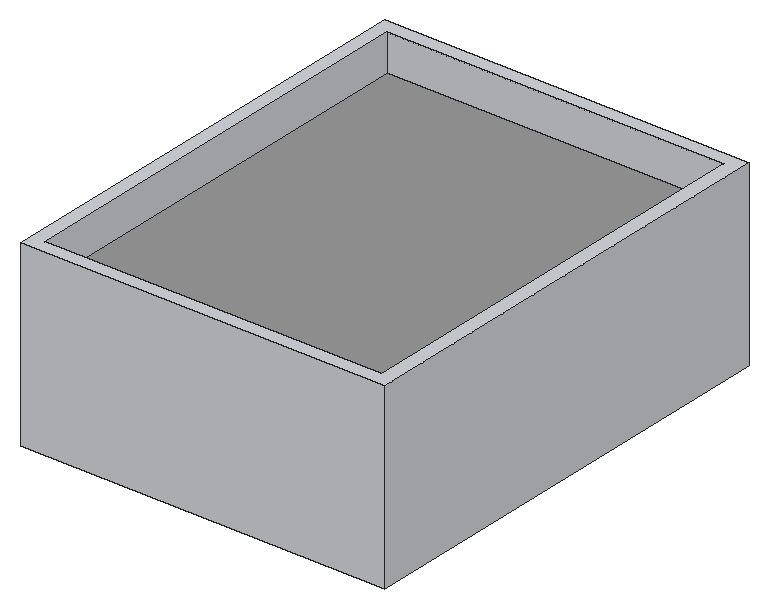
Revit family "水池+属性+三进口+三出口", category 机械设备, Revit 2020
Family settings
  圆形连接件大小 = 使用直径
  分类 = 无
  零件类型 = 标准
  基于工作平面 = 否
  总是垂直 = 是
  加载时剪切的空心 = 否
  共享 = 否
  房间计算点 = 否
Parameters
  默认高程 = 0 mm
  高 = 1000 mm
  长 = 2000 mm
  进水口与池边距 = 宽 - 2 * 水池出口口径  # 2260 mm
  说明信息 [instance] = "这是一个水池"
  编码 [instance] = ""
  直径 [instance] = 0
  池底标高 [instance] = 0
  水面顶部高度 = 高 * 0.8  # 800 mm
  水池出口口径 = 120 mm
  水 = 水
  标签 [instance] = "12,34,56"
  最高水位 [instance] = 0
  最小容积 [instance] = 0
  最低水位 [instance] = 0
  宽 = 2500 mm
  容积曲线 [instance] = ""
  壁厚 = 750 mm / 10  # 75 mm
  型号信息 [instance] = ""
  名称 [instance] = "水池"
  压降 = 0.0 Pa
  初始水质 [instance] = 0
  初始水位 [instance] = 0
  出水口间距 = 2000 mm / 4  # 500 mm
Reference planes
  plane 1 "中心(前/后)": y = 0
  plane 2: z = 0
  plane 3 "中心(左/右)": x = 0
  plane 4: y = -2260
  plane 5: z = 150
  plane 6: x = 500
  plane 7: x = 1000
  plane 8: x = 1500
  plane 9: z = 800
  plane 10: x = 500
  plane 11: x = 1000
  plane 12: x = 1504.941
  plane 13: y = -2260
  plane 14: z = 150
Forms (mm)
  Extrusion 1, solid
    sketch origin (0, 0, 0) x (1, 0, 0) y (0, 1, 0)
      loop
        line (0, 0) -> (0, -2500) -> (2000, -2500) -> (2000, 0) -> (0, 0)
    from 0 to 1000 <- "高"
  Extrusion 2, void
    sketch origin (0, 0, 0) x (1, 0, 0) y (0, 1, 0)
      loop
        line (75, -75) -> (75, -2425) -> (1925, -2425) -> (1925, -75) -> (75, -75)
    from 75 <- "壁厚" to 1000 <- "高"
  Extrusion 3, solid, material "水" <- "水"
    sketch origin (0, 0, 0) x (1, 0, 0) y (0, 1, 0)
      loop
        line (75, -75) -> (75, -2425) -> (1925, -2425) -> (1925, -75) -> (75, -75)
    from 10 to 800 <- "水面顶部高度"
  Extrusion 4, solid
    sketch origin (0, 0, 0) x (1, 0, 0) y (0, 0, 1)
      loop
        circle (500, 150) r 60
      loop
        circle (1000, 150) r 60
      loop
        circle (1500, 150) r 60
    from 0 to -10
  Extrusion 5, solid
    sketch origin (-391.118, -784, 800) x (-1, 0, 0) y (0, -1, 0)
      loop
        circle (-891.118, 1476) r 60
      loop
        circle (-1391.118, 1476) r 60
      loop
        circle (-1896.059, 1476) r 60
    from 0 to 10
Cuts and joins
  Extrusion 2 cuts Extrusion 1
Dimensions and locks
  "长": Extrusion 1 sketch curve to Extrusion 1 sketch curve
  "宽": Extrusion 1 sketch curve to Extrusion 1 sketch curve
  "壁厚": Extrusion 1 to Extrusion 2 sketch curve
  "壁厚": Extrusion 2 sketch curve to Extrusion 1  (x3)
  "出水口间距": plane 8 to plane 7 to plane 6 to plane 3 "中心(左/右)"
  plane 5 to level = 150 mm
  cut or joined group of Extrusion 1, Extrusion 2 to plane 13 to cut or joined group of Extrusion 1, Extrusion 2 = 1200 mm, 1300 mm
  "水面顶部高度": plane 9 to level
  "进水口与池边距": plane 4 to plane 1 "中心(前/后)"
  "水池出口口径": diameter of Extrusion 4 sketch curve  (x3)
  "水池出口口径": diameter of Extrusion 5 sketch curve  (x3)
  aligned and locked: level to plane 2
  aligned and locked: plane 1 "中心(前/后)" to Extrusion 1 sketch curve
  aligned and locked: Extrusion 1 sketch curve to plane 3 "中心(左/右)"
  aligned and locked: Extrusion 3 sketch curve to cut or joined group of Extrusion 1, Extrusion 2  (x4)
  aligned and locked: plane 4 to Extrusion 5
Automatic sketch dimensions
  Extrusion 4 sketch curve to plane 5 = 0 mm  (x3)
  Extrusion 4 sketch curve to plane 6 = 0 mm
  Extrusion 4 sketch curve to plane 7 = 0 mm
  Extrusion 4 sketch curve to plane 8 = 0 mm
  plane 4 to Extrusion 5 sketch curve = 0 mm  (x3)
  Extrusion 5 sketch curve to plane 12 = 0 mm
  Extrusion 5 sketch curve to plane 11 = 0 mm
  Extrusion 5 sketch curve to plane 10 = 0 mm
Connectors
  piping at (500, 10, 150), diameter 120, driven by "水池出口口径"
    settings: on Extrusion 4, index 1, connector inside diameter 609.6 mm, connector length 0 mm, flow factor 0, pipe flow 0.0 L/s, pressure drop 0.0 Pa, fitting loss kfactor 0, connector angle 0.00°, fixture units 0, engagement length 0 mm, angle of deflection 0.00°, flow configuration 0, flow direction 2, fitting loss method 0, system type 29, joint type 0, gender type 0, connector reference index -1, connector utility 0, adjustable connector no, is connector primary yes, connector description ""
  piping at (1000, 10, 150), diameter 120, driven by "水池出口口径"
    settings: on Extrusion 4, index 2, connector inside diameter 609.6 mm, connector length 0 mm, flow factor 0, pipe flow 0.0 L/s, pressure drop 5.0 Pa, fitting loss kfactor 0, connector angle 0.00°, fixture units 0, engagement length 0 mm, angle of deflection 0.00°, flow configuration 0, flow direction 2, fitting loss method 4, system type 29, joint type 0, gender type 0, connector reference index -1, connector utility 0, adjustable connector no, is connector primary no, connector description "出口2"
  piping at (1000, -2260, 810), diameter 120, driven by "水池出口口径", driven by "压降"
    settings: on Extrusion 5, index 5, connector inside diameter 609.6 mm, connector length 0 mm, flow factor 0, pipe flow 0.0 L/s, pressure drop 0.0 Pa, fitting loss kfactor 0, connector angle 0.00°, fixture units 0, engagement length 0 mm, angle of deflection 0.00°, flow configuration 0, flow direction 1, fitting loss method 4, system type 29, joint type 0, gender type 0, connector reference index -1, connector utility 0, adjustable connector no, is connector primary no, connector description "进口2"
  piping at (1504.941, -2260, 810), diameter 120, driven by "水池出口口径", driven by "压降"
    settings: on Extrusion 5, index 6, connector inside diameter 609.6 mm, connector length 0 mm, flow factor 0, pipe flow 0.0 L/s, pressure drop 0.0 Pa, fitting loss kfactor 0, connector angle 0.00°, fixture units 0, engagement length 0 mm, angle of deflection 0.00°, flow configuration 0, flow direction 1, fitting loss method 4, system type 29, joint type 0, gender type 0, connector reference index -1, connector utility 0, adjustable connector no, is connector primary no, connector description "进口1"
  piping at (500, -2260, 810), diameter 120, driven by "水池出口口径"
    settings: on Extrusion 5, index 7, connector inside diameter 609.6 mm, connector length 0 mm, flow factor 0, pipe flow 0.0 L/s, pressure drop 0.0 Pa, fitting loss kfactor 0, connector angle 0.00°, fixture units 0, engagement length 0 mm, angle of deflection 0.00°, flow configuration 0, flow direction 1, fitting loss method 0, system type 29, joint type 0, gender type 0, connector reference index -1, connector utility 0, adjustable connector no, is connector primary no, connector description "进口三"
  piping at (1500, 10, 150), diameter 120, driven by "水池出口口径"
    settings: on Extrusion 4, index 8, connector inside diameter 609.6 mm, connector length 0 mm, flow factor 0, pipe flow 0.0 L/s, pressure drop 5.0 Pa, fitting loss kfactor 0, connector angle 0.00°, fixture units 0, engagement length 0 mm, angle of deflection 0.00°, flow configuration 0, flow direction 2, fitting loss method 4, system type 29, joint type 0, gender type 0, connector reference index -1, connector utility 0, adjustable connector no, is connector primary no, connector description "出口1"
